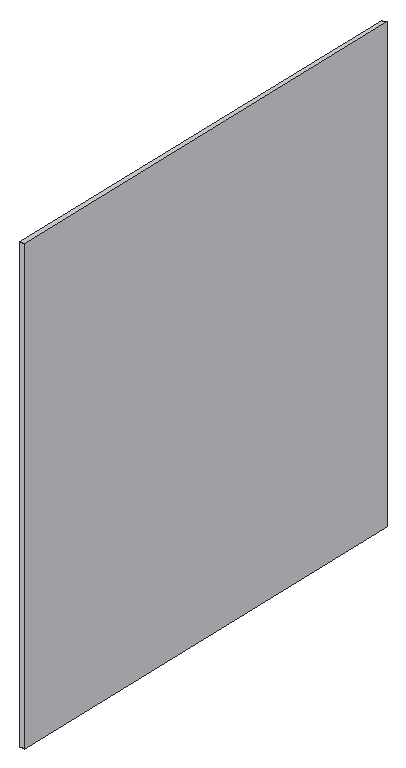
Revit family "M_Abafador de controle - Manual - Retangular", category Acessórios de duto, Revit 2019
Family settings
  Cota do conector redondo = Utilizar diâmetro
  Tipo de parte = Regulador de fluxo de ar
  Número OmniClass = 23.75.70.11.14.14
  Título OmniClass = Dampers for Air Ductwork
  ID de item do Seek = Control Damper - Manual - Rectangular-0000-USA-ENU
  Com base no plano de trabalho = Não
  Sempre na vertical = Sim
  Corte com vazios quando carregada = Não
  Compartilhado = Não
Parameters (values of type "Padrão")
  Queda de pressão [instance] = 34.8376 Pa
  Comprimento do abafador = 3 mm
  Comprimento do puxador [instance] = Largura do duto / 2  # 150 mm
  Comprimento da extensão [instance] = Largura do duto * 2  # 600 mm
  Largura do duto [instance] = 300 mm
  Altura do duto [instance] = 300 mm
  Material do abafador = none
  Assembly Code = ""
Reference planes
  plane 1 "Centro (Frente/Trás)": y = 0
  plane 2: z = 0
  plane 3 "Centro (Esquerda/Direita)": x = 0
  plane 4: x = 1.5
  plane 5: x = -1.5
Forms (mm)
  Extrusion 1, solid, material <- "Material do abafador"
    sketch origin (0, 0, 0) x (0, 1, 0) y (0, 0, 1)
      loop
        line (150, 150) -> (-150, 150) -> (-150, -150) -> (150, -150) -> (150, 150)
    from -1.5 to 1.5
Dimensions and locks
  equal spacing: Extrusion 1 sketch curve, plane 1 "Centro (Frente/Trás)", Extrusion 1 sketch curve
  "Largura do duto": Extrusion 1 sketch curve to Extrusion 1 sketch curve
  equal spacing: Extrusion 1 sketch curve, level, Extrusion 1 sketch curve
  "Altura do duto": Extrusion 1 sketch curve to Extrusion 1 sketch curve
  equal spacing: plane 5, plane 3 "Centro (Esquerda/Direita)", plane 4
  "Comprimento do abafador": plane 5 to plane 4
  aligned and locked: plane 4 to Extrusion 1
  aligned: Extrusion 1 to plane 3 "Centro (Esquerda/Direita)"
  aligned and locked: plane 5 to Extrusion 1
  aligned and locked: plane 3 "Centro (Esquerda/Direita)" to nested 1
  aligned and locked: nested 1 to plane 1 "Centro (Frente/Trás)"
Nested families
  nested 1: "M_Símbolo do abafador de controle" at (0, 0, 0), type "Símbolo do abafador de controle"
Connectors
  hvac at (-1.5, 0, 0), driven by "Altura do duto", driven by "Largura do duto", driven by "Queda de pressão"
    settings: on Extrusion 1, index 0, duct flow 0.0 L/s, flow factor 0, pres drop 34.8376 Pa, loss coef 0, conn angle 0.00°, conn width 300 mm, conn height 300 mm, conn diameter 609.6 mm, duct sys type 29, conn prof type 1, flow config 0, flow direction 0, loss method 4, conn ref index 1, conn util no, is conn primary yes, conn desc ""
  hvac at (1.5, 0, 0), driven by "Altura do duto", driven by "Largura do duto"
    settings: on Extrusion 1, index 1, duct flow 0.0 L/s, flow factor 0, pres drop 0.0 Pa, loss coef 0, conn angle 0.00°, conn width 300 mm, conn height 300 mm, conn diameter 609.6 mm, duct sys type 29, conn prof type 1, flow config 0, flow direction 0, loss method 4, conn ref index 0, conn util no, is conn primary no, conn desc ""
Definition of nested family "M_Símbolo do abafador de controle"
  Parameters
    Comprimento = 101.6 mm
    Largura = 304.8 mm
  Reference planes
    plane 1 "Centro (Frente/Trás)": y = 0
    plane 2: z = 0
    plane 3 "Centro (Esquerda/Direita)": x = 0
  Lines and regions (mm)
    detail lines, in view "Nível de referência"
      curve 1: line (0, 152.4, 0) -> (0, -152.4, 0)
      curve 2: line (0, 152.4, 0) -> (-101.6, 152.4, 0)
  Dimensions and locks
    equal spacing: curve 1, plane 1 "Centro (Frente/Trás)", curve 1
    "Largura": curve 1 to curve 1
    "Comprimento": curve 2 to curve 2
    aligned and locked: plane 3 "Centro (Esquerda/Direita)" to curve 2
